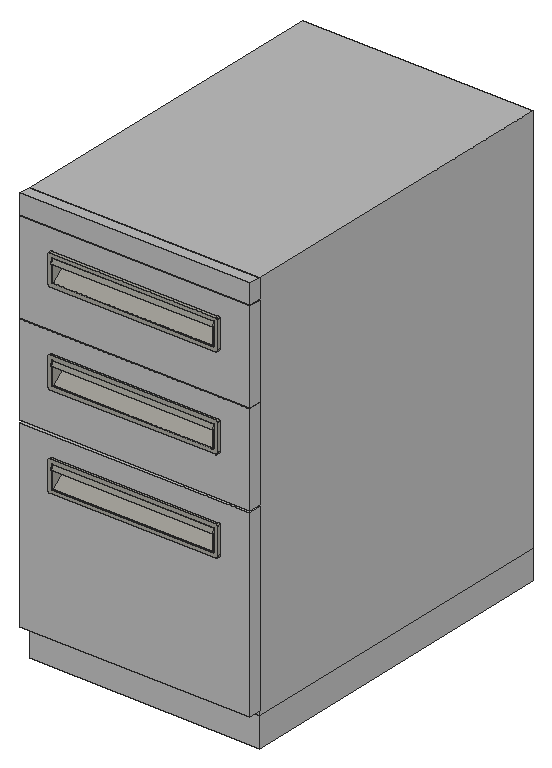
Revit family "Haworth_VSeries_Pedestal", category Furniture Systems, Revit 2018
Family settings
  Round Connector Dimension = Use Diameter
  Part Type = Normal
  OmniClass Number = 23.40.70.14.64.21
  OmniClass Title = Systems Furniture
  Work Plane-Based = No
  Always vertical = Yes
  Cut with Voids When Loaded = No
  Shared = No
  Room Calculation Point = No
Parameters (values of type "Box Box File - Attached")
  Warranty = "http://www.haworth.com/resources/product-info/warranties"
  URL - Product = "http://www.haworth.com/products/storage/files-pedestals/v-series"
  URL = "www.haworth.com"
  Total Drawer Height = Top Location - 1 3/4" - 1 1/2" - 1/8"  # 24 1/8"
  Top Location = if(Box File, 21 1/2", 27 1/2")  # 27 1/2"
  Sustainability Info = "http://www.haworth.com/company-info/sustainablility"
  Suspended = no
  Standard Pull = yes
  Pull Finish = Haworth _ Polymer _ Gray Tone
  Drawer Three Standard Pull = and(Box Box File, Standard Pull)  # yes
  Size = "Verify Final Dim. w/ Haworth"  # constant formula
  Revision Number = "2"  # constant formula
  Model = "Haworth - VSeries - Pedestal"  # constant formula
  Mobile = no
  Min. Height = 21 1/2"  # constant formula
  Min. Depth = 17"  # constant formula
  Max. Depth = if(Attached, 29", if(Suspended, 23", if(and(Box File, Mobile), 23", 29")))  # 29"
  Max. Height = 27 1/2"  # constant formula
  Manufacturer = "Haworth"  # constant formula
  Drawer Three Full Pull = and(Box Box File, Full Pull)  # no
  Full Pull = not(Standard Pull)  # no
  File File = no
  Drawer Finish = Haworth _ Paint _ Metallic Champagne
  Drawer 3 Height = 5 15/16"  # constant formula
  Drawer 2 Height = if(File File, Drawer 1 Height, 5 15/16")  # 5 15/16"
  Drawer 1 Height = 11 15/16"  # constant formula
  Description = "Haworth - VSeries - Pedestal"  # constant formula
  Depth = 23"
  Cushion Finish = Haworth _ Fabric _ Tellure _ Sky 3A-32
  Cushion = no
  Cabinet Finish = Haworth _ Paint _ Metallic Champagne
  Box File = not(or(Box Box File, File File))  # no
  Box Box File = yes
  Author = "Haworth (Hampton)"  # constant formula
  Attached = not(or(Suspended, Mobile))  # yes
  Assembly Code = "E2020200"
  Actual Width = 15"  # constant formula
  Actual Depth = if(Depth < Min. Depth, Min. Depth, if(Depth > Max. Depth, Max. Depth, Depth))  # 23"
  3 Drawers = Box Box File  # yes
  Standard Depths = "17, 23, 29 in"
Types (3): name | Total Drawer Height | Top Location | Drawer Three Standard Pull | File File | Drawer 2 Height | Box File | Box Box File | 3 Drawers
  Box Box File - Attached | 24 1/8" | 27 1/2" | yes | no | 5 15/16" | no | yes | yes
  Box File - Attached | 18 1/8" | 21 1/2" | no | no | 5 15/16" | yes | no | no
  File File - Attached | 24 1/8" | 27 1/2" | no | yes | 11 15/16" | no | no | no
Reference planes (in)
  plane 1 "Back": y = 0
  plane 2: z = 0
  plane 3 "Center L/R": x = 0
  plane 4 "Left": x = -7.5
  plane 5 "Right": x = 7.5
  plane 6 "Front": y = -23
  plane 7 "Back of Drawers": y = -22.25
  plane 8 "Base of Cabinet": z = 1.875
  plane 9 "Top": z = 27.5
  plane 10 "Bottom of Keyed": z = 26.25
  plane 11 "Back Caster": y = -1.75
  plane 12 "Left Caster": x = -5.25
  plane 13 "Right Caster": x = 5.25
  plane 14 "Front Caster": y = -20.5
  plane 15 "Center F/B": y = -11.5
  plane 16: y = -38.00051
  plane 17: through (-0.0519, -38.00051, -82.54467) normal (0, 0.4384, -0.8988)
  plane 18: y = -37.75051
  plane 19 "Bottom Drawer": z = 2.166
  plane 20 "Middle Drawer": z = 14.1035
  plane 21 "Top Drawer": z = 20.166
  plane 22 "Middle Drawer 2": z = 14.2285
  plane 23 "Top Drawer Two": z = 20.2285
Forms (in)
  Extrusion 1, solid, material "Haworth _ Paint _ Metallic Champagne" <- "Cabinet Finish"
    sketch origin (0, 0, 0) x (1, 0, 0) y (0, 1, 0)
      loop
        line (-7.5, 0) -> (-7.5, -22.25) -> (7.5, -22.25) -> (7.5, 0) -> (-7.5, 0)
    from 1.875 to 27.5
  Extrusion 2, solid, material "Haworth _ Paint _ Metallic Champagne" <- "Drawer Finish"
    sketch origin (0, 0, 0) x (1, 0, 0) y (0, 1, 0)
      loop
        line (-7.5, -23) -> (7.5, -23) -> (7.5, -22.25) -> (-7.5, -22.25) -> (-7.5, -23)
    from 26.25 to 27.5
  Extrusion 3, solid, material "Haworth _ Paint _ Metallic Champagne" <- "Cabinet Finish", visible <- "Attached"
    sketch origin (0, 0, 0) x (1, 0, 0) y (0, 1, 0)
      loop
        line (-7.5, 0) -> (-7.5, -22.25) -> (7.5, -22.25) -> (7.5, 0) -> (-7.5, 0)
    from 0 to 1.875
Lines and regions (in)
  Masking region 1
    outline origin (0, 0, 27.5) x (-1, 0, 0) y (0, -1, 0)
      loop
        line (7.5, 0) -> (7.5, 24.25) -> (-7.5, 24.25) -> (-7.5, 0) -> (7.5, 0)
Dimensions and locks (in)
  equal spacing: plane 4 "Left", plane 3 "Center L/R", plane 5 "Right"
  "Actual Width": plane 4 "Left" to plane 5 "Right"
  "Actual Depth": plane 1 "Back" to plane 6 "Front"
  locked: plane 7 "Back of Drawers" to plane 6 "Front" at 0.75
  locked: plane 8 "Base of Cabinet" to level at 1.875
  "Top Location": plane 9 "Top" to level
  plane 9 "Top" to plane 10 "Bottom of Keyed" = 1 1/4"
  locked: plane 1 "Back" to plane 11 "Back Caster" at 1.75
  locked: plane 4 "Left" to plane 12 "Left Caster" at 2.25
  locked: plane 13 "Right Caster" to plane 5 "Right" at 2.25
  locked: plane 14 "Front Caster" to plane 7 "Back of Drawers" at 1.75
  equal spacing: plane 1 "Back", plane 15 "Center F/B", plane 6 "Front"
  locked: plane 19 "Bottom Drawer" to plane 8 "Base of Cabinet" at 0.291
  aligned and locked: plane 4 "Left" to Extrusion 1 sketch curve
  aligned and locked: plane 1 "Back" to Extrusion 1 sketch curve
  aligned and locked: plane 7 "Back of Drawers" to Extrusion 1 sketch curve
  aligned and locked: plane 5 "Right" to Extrusion 1 sketch curve
  aligned and locked: plane 9 "Top" to Extrusion 1
  aligned and locked: Extrusion 1 to plane 8 "Base of Cabinet"
  aligned and locked: plane 4 "Left" to Extrusion 2 sketch curve
  aligned and locked: Extrusion 2 sketch curve to plane 6 "Front"
  aligned and locked: Extrusion 2 sketch curve to plane 5 "Right"
  aligned and locked: plane 7 "Back of Drawers" to Extrusion 2 sketch curve
  aligned and locked: plane 9 "Top" to Extrusion 2
  aligned and locked: Extrusion 2 to plane 10 "Bottom of Keyed"
  aligned and locked: plane 12 "Left Caster" to nested 1
  aligned and locked: nested 1 to plane 11 "Back Caster"
  aligned and locked: nested 2 to plane 13 "Right Caster"
  aligned and locked: plane 14 "Front Caster" to nested 4
  aligned and locked: plane 12 "Left Caster" to nested 3
  aligned and locked: nested 3 to plane 14 "Front Caster"
  aligned and locked: nested 4 to plane 13 "Right Caster"
  aligned and locked: plane 11 "Back Caster" to nested 2
  aligned: plane 3 "Center L/R" to nested 5
  aligned: nested 5 to plane 15 "Center F/B"
  aligned and locked: plane 3 "Center L/R" to nested 5
  aligned and locked: plane 15 "Center F/B" to nested 5
  aligned and locked: nested 5 to plane 9 "Top"
  aligned and locked: plane 5 "Right" to Extrusion 3 sketch curve
  aligned and locked: plane 7 "Back of Drawers" to Extrusion 3 sketch curve
  aligned and locked: plane 4 "Left" to Extrusion 3 sketch curve
  aligned and locked: plane 1 "Back" to Extrusion 3 sketch curve
  aligned and locked: plane 8 "Base of Cabinet" to Extrusion 3
  aligned and locked: nested 5 to Masking region 1 sketch curve
  aligned and locked: Masking region 1 sketch curve to Extrusion 1
  aligned and locked: Masking region 1 sketch curve to nested 5
  aligned and locked: plane 3 "Center L/R" to nested 6
  aligned and locked: nested 6 to plane 7 "Back of Drawers"
  aligned and locked: plane 3 "Center L/R" to nested 7
  aligned and locked: nested 7 to plane 7 "Back of Drawers"
  aligned and locked: plane 19 "Bottom Drawer" to nested 6
  aligned and locked: plane 19 "Bottom Drawer" to nested 7
  aligned and locked: nested 9 to plane 7 "Back of Drawers"
  aligned and locked: nested 8 to plane 7 "Back of Drawers"
  aligned and locked: plane 22 "Middle Drawer 2" to nested 9
  aligned and locked: plane 22 "Middle Drawer 2" to nested 8
  aligned and locked: nested 11 to plane 7 "Back of Drawers"
  aligned and locked: plane 23 "Top Drawer Two" to nested 11
  aligned and locked: plane 23 "Top Drawer Two" to nested 10
  aligned and locked: nested 10 to plane 7 "Back of Drawers"
  aligned and locked: Extrusion 3 to plane 2
Automatic sketch dimensions
  Masking region 1 sketch curve to plane 6 "Front" = 1 1/4"
Nested families (in)
  nested 1: "Haworth_Caster" at (-5.25, -1.75, 0), visible <- "Mobile", type "Caster"
  nested 2: "Haworth_Caster" at (5.25, -1.75, 0) x (-1, 0, 0) z (0, 0, 1), visible <- "Mobile", type "Caster"
  nested 3: "Haworth_Caster" at (-5.25, -20.5, 0), visible <- "Mobile", type "Caster"
  nested 4: "Haworth_Caster" at (5.25, -20.5, 0) x (-1, 0, 0) z (0, 0, 1), visible <- "Mobile", type "Caster"
  nested 5: "Haworth_Cushion" at (0, -11.5, -3.5), visible <- "Cushion", type "Haworth_Cushion"
    with Actual Width 15", Actual Depth 23"
  nested 6: "Haworth_Drawer_VSeries-Full_Part" at (0, -22.25, 2.166), visible <- "Full Pull", Drawer Height <- "Drawer 1 Height", type "Drawer"
    with Drawer Height 11 15/16"
  nested 7: "Haworth_Drawer_VSeries-Standard_Part" at (0, -22.25, 2.166), visible <- "Standard Pull", Drawer Height <- "Drawer 1 Height", type "Drawer"
    with Drawer Height 11 15/16"
  nested 8: "Haworth_Drawer_VSeries-Full_Part" at (0, -22.25, 14.2285), visible <- "Full Pull", Drawer Height <- "Drawer 2 Height", type "Drawer"
    with Drawer Height 5 15/16"
  nested 9: "Haworth_Drawer_VSeries-Standard_Part" at (0, -22.25, 14.2285), visible <- "Standard Pull", Drawer Height <- "Drawer 2 Height", type "Drawer"
    with Drawer Height 5 15/16"
  nested 10: "Haworth_Drawer_VSeries-Full_Part" at (0, -22.25, 20.2285), visible <- "Drawer Three Full Pull", Drawer Height <- "Drawer 3 Height", type "Drawer"
    with Drawer Height 5 15/16"
  nested 11: "Haworth_Drawer_VSeries-Standard_Part" at (0, -22.25, 20.2285), visible <- "Drawer Three Standard Pull", Drawer Height <- "Drawer 3 Height", type "Drawer"
    with Drawer Height 5 15/16"
Definition of nested family "Haworth_Caster"
  Parameters
    Radius = 23/32"
    Height = 1 7/8"
    Center Radius = Radius - 1/8"  # 19/32"
    Assembly Code = ""
  Reference planes (in)
    plane 1 "Center (Front/Back)": y = 0
    plane 2: z = 0
    plane 3 "Center (Left/Right)": x = 0
  Forms (in)
    Extrusion 1, solid
      sketch origin (0, 0, -0.02118) x (0, 1, 0) y (0, 0, 1)
        loop
          circle (-0.48695, 0.73993) r 0.71875
      from 0.875 to 0.3125
    Extrusion 2, solid
      sketch origin (0, 0, -0.02118) x (0, 1, 0) y (0, 0, 1)
        loop
          circle (-0.48695, 0.73993) r 0.71875
      from -0.875 to -0.3125
    Extrusion 3, solid
      sketch origin (0, 0, 0) x (0, 1, 0) y (0, 0, 1)
        loop
          circle (-0.48695, 0.71875) r 0.59375
      from -0.3125 to 0.3125
    Extrusion 4, solid
      sketch origin (0, 0, 0) x (1, 0, 0) y (0, 1, 0)
        loop
          circle (0, 0) r 0.25
      from 0.71875 to 1.875
  Cuts and joins
    joined: Extrusion 3, Extrusion 4
  Dimensions and locks (in)
    plane 3 "Center (Left/Right)" to Extrusion 2 = 5/16"
    Extrusion 1 to plane 3 "Center (Left/Right)" = 7/8"
    "Height": cut or joined group of Extrusion 3, Extrusion 4 to level
    "Radius": Extrusion 1 sketch curve to level
    "Radius": Extrusion 2 sketch curve to level
    "Radius": Extrusion 3 sketch curve to level
    "Radius": cut or joined group of Extrusion 3, Extrusion 4 to level
    "Radius": radius of Extrusion 2 sketch curve
    "Radius": radius of Extrusion 1 sketch curve
    "Center Radius": radius of Extrusion 3 sketch curve
  Automatic sketch dimensions
    plane 1 "Center (Front/Back)" to Extrusion 1 sketch curve = 0.48695"
    plane 1 "Center (Front/Back)" to Extrusion 2 sketch curve = 0.48695"
    plane 1 "Center (Front/Back)" to Extrusion 3 sketch curve = 0.48695"
    plane 1 "Center (Front/Back)" to Extrusion 4 sketch curve = 0"
    Extrusion 4 sketch curve to plane 3 "Center (Left/Right)" = 0"
    radius of Extrusion 4 sketch curve = 1/4"
Definition of nested family "Haworth_Cushion"
  Parameters
    Warranty = ""
    URL - Product = ""
    URL = "www.haworth.com"
    Cushion Thickness = 3/4"
    Sustainability Info = ""
    Size = "Verify Final Dim. w/ Haworth"  # constant formula
    Revision Number = "1"  # constant formula
    OmniClass Number = "23.40.70.14"  # constant formula
    Mounting Offset [instance] = 31"
    Min/Max Width = "30 or 36 in."  # constant formula
    Min/Max Depth = "18 or 24 in."  # constant formula
    Material Options = ""
    Manufacturer = "Haworth"  # constant formula
    LEED Data = ""
    Storage Top Finish = none
    Author = "SHAPE Environments, LLC"  # constant formula
    Assembly Code = "E2020200"
    Actual Width = 14 3/4"
    Actual Depth = 21 3/4"
  Reference planes (in)
    plane 1 "Storage Top Center F/B": y = 0
    plane 2: z = 0
    plane 3 "Storage Top Center L/R": x = 0
    plane 4 "Left": x = -7.375
    plane 5 "Back": y = 10.875
    plane 6 "Front": y = -10.875
    plane 7 "Right": x = 7.375
    plane 8 "Top": z = 31.75
    plane 9 "Bottom": z = 31
  Forms (in)
    Extrusion 1, solid, material <- "Storage Top Finish"
      sketch origin (-36.03948, -180, 31) x (-1, 0, 0) y (0, -1, 0)
        loop
          arc (-29.16448, -190.875) -> (-28.81093, -190.72855) -> (-28.66448, -190.375) r 0.5
          line (-28.66448, -190.375) -> (-28.66448, -169.625)
          arc (-28.66448, -169.625) -> (-28.81093, -169.27145) -> (-29.16448, -169.125) r 0.5
          line (-29.16448, -169.125) -> (-42.91448, -169.125)
          arc (-42.91448, -169.125) -> (-43.26804, -169.27145) -> (-43.41448, -169.625) r 0.5
          line (-43.41448, -169.625) -> (-43.41448, -190.375)
          arc (-43.41448, -190.375) -> (-43.26804, -190.72855) -> (-42.91448, -190.875) r 0.5
          line (-42.91448, -190.875) -> (-29.16448, -190.875)
      from 0 to 0.75
  Dimensions and locks (in)
    equal spacing: plane 5 "Back", plane 1 "Storage Top Center F/B", plane 6 "Front"
    "Actual Depth": plane 5 "Back" to plane 6 "Front"
    equal spacing: plane 4 "Left", plane 3 "Storage Top Center L/R", plane 7 "Right"
    "Actual Width": plane 4 "Left" to plane 7 "Right"
    "Mounting Offset": plane 9 "Bottom" to level
    "Cushion Thickness": plane 8 "Top" to plane 9 "Bottom"
    aligned and locked: plane 5 "Back" to Extrusion 1 sketch curve
    aligned and locked: plane 7 "Right" to Extrusion 1 sketch curve
    aligned and locked: plane 6 "Front" to Extrusion 1 sketch curve
    aligned and locked: plane 4 "Left" to Extrusion 1 sketch curve
    aligned and locked: plane 8 "Top" to Extrusion 1
    aligned and locked: Extrusion 1 to plane 5 "Back"
    aligned and locked: Extrusion 1 to plane 9 "Bottom"
  Automatic sketch dimensions
    plane 7 "Right" to Extrusion 1 sketch curve = 1/2"  (x2)
    plane 4 "Left" to Extrusion 1 sketch curve = 1/2"  (x2)
Definition of nested family "Haworth_Drawer_VSeries-Full_Part"
  Parameters
    Drawer Width = 15"
    Drawer Height [instance] = 11 13/16"
    Drawer Finish = none
    Assembly Code = ""
  Reference planes (in)
    plane 1 "Drawer Back": y = 0
    plane 2: z = 0
    plane 3 "Center L/R": x = 0
    plane 4 "Drawer Front": y = -0.75
    plane 5 "Left": x = -7.5
    plane 6 "Right": x = 7.5
    plane 7 "Top": z = 11.8125
  Forms (in)
    Extrusion 1, solid, material <- "Drawer Finish"
      sketch origin (-7.5, 0, 2.25) x (0, 1, 0) y (0, 0, 1)
        loop
          line (0, 9.5625) -> (-0.75, 9.5625) -> (-0.75, 9.0606) -> (-0.6875, 9.0606) -> (-0.6875, 9.4981) -> (-0.1875, 9.4981) -> (-0.1875, 8.36999) -> (-0.75, 8.02598) -> (-0.75, -2.25) -> (0, -2.25) -> (0, 9.5625)
      from 0 to 15
  Lines and regions (in)
    Masking region 1, detail levels medium+fine
      outline origin (0, 0, 0) x (1, 0, 0) y (0, 1, 0)
        loop
          line (-7.5, 0) -> (-7.5, -0.75) -> (7.5, -0.75) -> (7.5, 0) -> (-7.5, 0)
  Dimensions and locks (in)
    equal spacing: plane 5 "Left", plane 3 "Center L/R", plane 6 "Right"
    "Drawer Width": plane 5 "Left" to plane 6 "Right"
    locked: plane 1 "Drawer Back" to plane 4 "Drawer Front" at 0.75
    "Drawer Height": plane 7 "Top" to level
    aligned and locked: Extrusion 1 to plane 6 "Right"
    aligned and locked: plane 1 "Drawer Back" to Extrusion 1 sketch curve
    aligned and locked: plane 7 "Top" to Extrusion 1 sketch curve
    aligned and locked: level to Extrusion 1 sketch curve
    aligned and locked: Extrusion 1 sketch curve to plane 4 "Drawer Front"
    aligned and locked: plane 5 "Left" to Masking region 1 sketch curve
    aligned and locked: plane 4 "Drawer Front" to Masking region 1 sketch curve
    aligned and locked: plane 1 "Drawer Back" to Masking region 1 sketch curve
    aligned and locked: plane 6 "Right" to Masking region 1 sketch curve
  Automatic sketch dimensions
    Extrusion 1 sketch curve to plane 4 "Drawer Front" = 0"
    plane 4 "Drawer Front" to Extrusion 1 sketch curve = 1/16"
    Extrusion 1 sketch curve to plane 7 "Top" = 0.5019"
    Extrusion 1 sketch curve to plane 7 "Top" = 0.0644"
    Extrusion 1 sketch curve to Extrusion 1 sketch curve = 1.03462"
    Extrusion 1 sketch curve to Extrusion 1 sketch curve = 0.34401"
    plane 1 "Drawer Back" to Extrusion 1 sketch curve = 3/16"
Definition of nested family "Haworth_Drawer_VSeries-Standard_Part"
  Parameters
    Standard Pull Void Height = 1 5/8"
    Standard Pull Height = 1 5/16"
    Pull Location Height = 2 1/4"
    Pull Finish = none
    Standard Pull Location = 3 7/8"
    Drawer Width = 15"
    Drawer Height [instance] = 11 13/16"
    Drawer Finish = none
    Assembly Code = ""
  Reference planes (in)
    plane 1 "Drawer Back": y = 0
    plane 2: z = 0
    plane 3 "Center L/R": x = 0
    plane 4 "Drawer Front": y = -0.75
    plane 5 "Left": x = -7.5
    plane 6 "Right": x = 7.5
    plane 7 "Top": z = 11.8125
    plane 8: y = -4
    plane 9: y = -0.125
    plane 10 "Standard Top": z = 8.75
    plane 11 "Pull Location": z = 9.5625
    plane 12 "Standard Bottom": z = 10.25
    plane 13 "Pull Void Left": x = -5.275
    plane 14 "Pull Void Right": x = 5.275
    plane 15 "Pull Right": x = 5.525
    plane 16 "Pull Left": x = -5.525
    plane 17 "Pull Top": z = 10.5
    plane 18 "Pull Bottom": z = 8.5
    plane 19 "Pull Front": y = -0.9375
  Forms (in)
    Extrusion 1, solid, material <- "Drawer Finish"
      sketch origin (-7.5, 0, 0) x (0, 1, 0) y (0, 0, 1)
        loop
          line (0, 11.8125) -> (-0.75, 11.8125) -> (-0.75, 0) -> (0, 0) -> (0, 11.8125)
      from 0 to 15
    Extrusion 2, void
      sketch origin (0, -0.75, 0) x (-1, 0, 0) y (0, 0, 1)
        loop
          line (5.275, 8.75) -> (5.275, 10.25) -> (-5.275, 10.25) -> (-5.275, 8.75) -> (5.275, 8.75)
      from -3.25 to 0.625
    Extrusion 3, solid, material <- "Pull Finish"
      sketch origin (0, -0.9375, 0) x (-1, 0, 0) y (0, 0, 1)
        loop
          line (5.4, 10.5) -> (-5.4, 10.5)
          arc (-5.4, 10.5) -> (-5.48839, 10.46339) -> (-5.525, 10.375) r 0.125
          line (-5.525, 10.375) -> (-5.525, 8.625)
          arc (-5.525, 8.625) -> (-5.48839, 8.53661) -> (-5.4, 8.5) r 0.125
          line (-5.4, 8.5) -> (5.4, 8.5)
          arc (5.4, 8.5) -> (5.48839, 8.53661) -> (5.525, 8.625) r 0.125
          line (5.525, 8.625) -> (5.525, 10.375)
          arc (5.525, 10.375) -> (5.48839, 10.46339) -> (5.4, 10.5) r 0.125
      from 0 to 0.1875
    Extrusion 4, solid, material <- "Pull Finish"
      sketch origin (-5.275, 0, 0) x (0, 0, 1) y (0, -1, 0)
        loop
          line (10.25, 0.9375) -> (9.93166, 1.0228) -> (9.93166, 0.875) -> (10.20387, 0.60279) -> (10.20387, 0.17128) -> (9.44972, 0.17128) -> (8.79917, 0.9375) -> (8.75, 0.9375) -> (9.43984, 0.125) -> (10.25, 0.125) -> (10.25, 0.9375)
      from 0 to 10.55
    Extrusion 5, solid, material <- "Pull Finish"
      sketch origin (-5.275, 0, 0) x (0, 0, 1) y (0, -1, 0)
        loop
          line (10.20387, 0.17128) -> (10.20387, 0.60279) -> (9.93166, 0.875) -> (9.93166, 0.9375) -> (8.79917, 0.9375) -> (9.44972, 0.17128) -> (10.20387, 0.17128)
      from 0 to 0.0625
    Extrusion 6, solid, material <- "Pull Finish"
      sketch origin (5.275, 0, 0) x (0, 0, 1) y (0, 1, 0)
        loop
          line (10.20387, -0.17128) -> (9.44972, -0.17128) -> (8.79917, -0.9375) -> (9.93166, -0.9375) -> (9.93166, -0.875) -> (10.20387, -0.60279) -> (10.20387, -0.17128)
      from 0 to 0.0625
  Cuts and joins
    Extrusion 2 cuts Extrusion 1
    Extrusion 2 cuts Extrusion 3
  Lines and regions (in)
    Masking region 1, detail levels medium+fine
      outline origin (0, 0, 0) x (1, 0, 0) y (0, 1, 0)
        loop
          line (-7.5, 0) -> (-7.5, -0.75) -> (7.5, -0.75) -> (7.5, 0) -> (-7.5, 0)
  Dimensions and locks (in)
    equal spacing: plane 5 "Left", plane 3 "Center L/R", plane 6 "Right"
    "Drawer Width": plane 5 "Left" to plane 6 "Right"
    locked: plane 1 "Drawer Back" to plane 4 "Drawer Front" at 0.75
    "Drawer Height": plane 7 "Top" to level
    locked: plane 8 to plane 1 "Drawer Back" at 4
    "Standard Pull Location": plane 8 to plane 9
    equal spacing: Extrusion 2 sketch curve, plane 3 "Center L/R", Extrusion 2 sketch curve
    Extrusion 2 sketch curve to Extrusion 2 sketch curve = 10.55"
    plane 17 "Pull Top" to plane 12 "Standard Bottom" = 1/4"
    plane 10 "Standard Top" to plane 18 "Pull Bottom" = 1/4"
    equal spacing: plane 14 "Pull Void Right", plane 3 "Center L/R", plane 13 "Pull Void Left", locked at 5.275 each
    locked: plane 13 "Pull Void Left" to plane 16 "Pull Left" at 0.25
    locked: plane 14 "Pull Void Right" to plane 15 "Pull Right" at 0.25
    "Standard Pull Height": plane 7 "Top" to plane 17 "Pull Top"
    plane 12 "Standard Bottom" to plane 11 "Pull Location" to plane 10 "Standard Top" = 11/16", 13/16"
    aligned and locked: Extrusion 1 sketch curve to plane 1 "Drawer Back"
    aligned and locked: Extrusion 1 sketch curve to plane 2
    aligned and locked: Extrusion 1 sketch curve to plane 4 "Drawer Front"
    aligned and locked: Extrusion 1 to plane 6 "Right"
    aligned: Extrusion 2 to plane 8
    aligned: plane 9 to Extrusion 2  (x2)
    aligned and locked: plane 15 "Pull Right" to Extrusion 3 sketch curve
    aligned and locked: Extrusion 3 sketch curve to plane 18 "Pull Bottom"
    aligned and locked: plane 16 "Pull Left" to Extrusion 3 sketch curve
    aligned and locked: Extrusion 3 sketch curve to plane 17 "Pull Top"
    aligned and locked: Extrusion 2 sketch curve to plane 13 "Pull Void Left"
    aligned and locked: plane 12 "Standard Bottom" to Extrusion 2 sketch curve
    aligned and locked: Extrusion 4 to cut or joined group of Extrusion 1, Extrusion 2
    aligned and locked: Extrusion 4 to plane 14 "Pull Void Right"
    aligned and locked: plane 5 "Left" to Masking region 1 sketch curve
    aligned and locked: plane 6 "Right" to Masking region 1 sketch curve
    aligned and locked: plane 1 "Drawer Back" to Masking region 1 sketch curve
    aligned and locked: plane 4 "Drawer Front" to Masking region 1 sketch curve
  Automatic sketch dimensions
    Extrusion 2 sketch curve to plane 10 "Standard Top" = 0"
    Extrusion 3 sketch curve to plane 14 "Pull Void Right" = 1/8"
    plane 12 "Standard Bottom" to Extrusion 3 sketch curve = 1/8"
    Extrusion 3 sketch curve to Extrusion 3 sketch curve = 1/8"
    Extrusion 3 sketch curve to plane 13 "Pull Void Left" = 1/8"
    plane 10 "Standard Top" to Extrusion 4 sketch curve = 0"
    Extrusion 4 sketch curve to plane 19 "Pull Front" = 0"  (x2)
    Extrusion 4 sketch curve to plane 9 = 0"
    plane 12 "Standard Bottom" to Extrusion 4 sketch curve = 0"
    Extrusion 4 sketch curve to plane 10 "Standard Top" = 0.04917"
    plane 11 "Pull Location" to Extrusion 4 sketch curve = 0.12266"
    Extrusion 4 sketch curve to plane 9 = 0.04628"
    Extrusion 4 sketch curve to Extrusion 4 sketch curve = 0.00988"
    plane 19 "Pull Front" to Extrusion 4 sketch curve = 1/16"
    Extrusion 4 sketch curve to plane 12 "Standard Bottom" = 0.31834"
    Extrusion 4 sketch curve to plane 12 "Standard Bottom" = 0.04613"
    plane 4 "Drawer Front" to Extrusion 4 sketch curve = 0.14721"
    Extrusion 4 sketch curve to plane 19 "Pull Front" = 0.0853"
    Extrusion 5 sketch curve to plane 19 "Pull Front" = 0"
    Extrusion 5 sketch curve to plane 10 "Standard Top" = 0.04917"
    Extrusion 5 sketch curve to plane 9 = 0.04628"
    plane 11 "Pull Location" to Extrusion 5 sketch curve = 0.11278"
    Extrusion 5 sketch curve to plane 12 "Standard Bottom" = 0.31834"
    Extrusion 5 sketch curve to plane 12 "Standard Bottom" = 0.04613"
    plane 4 "Drawer Front" to Extrusion 5 sketch curve = 0.14721"
    Extrusion 5 sketch curve to Extrusion 5 sketch curve = 1/16"
    Extrusion 6 sketch curve to plane 19 "Pull Front" = 0"
    Extrusion 6 sketch curve to plane 10 "Standard Top" = 0.04917"
    Extrusion 6 sketch curve to plane 9 = 0.04628"
    plane 11 "Pull Location" to Extrusion 6 sketch curve = 0.11278"
    Extrusion 6 sketch curve to plane 12 "Standard Bottom" = 0.31834"
    Extrusion 6 sketch curve to plane 12 "Standard Bottom" = 0.04613"
    Extrusion 6 sketch curve to Extrusion 6 sketch curve = 1/16"
    plane 4 "Drawer Front" to Extrusion 6 sketch curve = 0.14721"
    Extrusion 1 sketch curve to plane 7 "Top" = 0"
